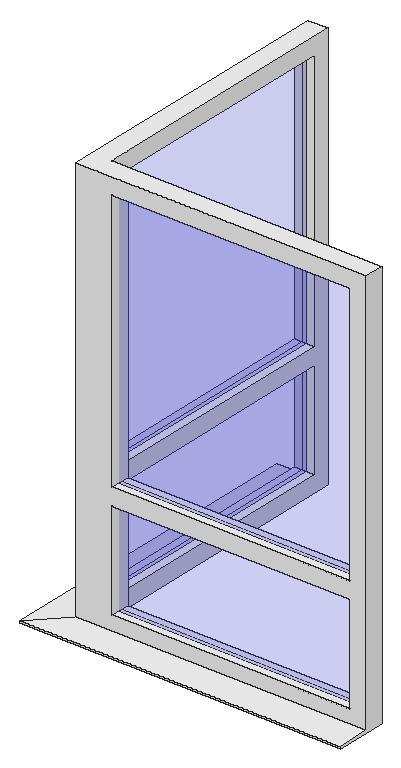
Revit family
Parameters (values of type "1.25m x 0.9m")
  Operation = "Défini par l'utilisateur"
  Largeur du cadre = 50 mm
  Height = 1250 mm
  Wall Closure = (empty or 0)
  Width = 900 mm
  Fenêtre = PVC - Blanc
  EpTrav = Elévation de la traverse + Largeur du cadre  # 400 mm
  Elévation de la traverse = 350 mm
  Décalage nu intérieur [instance] = 0 mm
  Angle des murs [instance] = 90.00°
Reference planes
  plane 1: y = 0
  plane 2 "Gauche": x = -500
  plane 3 "Droite": x = 400
  plane 4 "Appui": z = 800
  plane 5 "Tête": z = 2050
  plane 6 "Extérieur": y = 75
  plane 7 "Intérieur": y = -75
Forms (mm)
  Extrusion 1, void
    sketch origin (-500, 0, 800) x (-1, 0, 0) y (0, 1, 0)
      loop
        line (300, -300) -> (300, 900) -> (-300, 900) -> (-300, 300) -> (-900, 300) -> (-900, -300) -> (300, -300)
    from 0 to -1250
  Sweep 2, solid, material "PVC - Blanc" <- "Fenêtre"
    path origin (-500, 0, 800) x (0, 1, 0) y (-1, 0, 0)
      loop
        line (900, 0) -> (0, 0) -> (0, -900)
    profile origin (-50, 0, 800) x (0, 1, 0) y (0, 0, 1)
      loop
        line (-80, 0) -> (75, 0) -> (75, 50) -> (15, 50) -> (15, 8) -> (-80, 5) -> (-80, 0)
      loop
        line (15, 1250) -> (15, 1200) -> (75, 1200) -> (75, 1250) -> (15, 1250)
  Extrusion 3, solid, material "PVC - Blanc" <- "Fenêtre"
    sketch origin (-500, 0, 800) x (0, 1, 0) y (-1, 0, 0)
      loop
        line (75, -75) -> (125, -75) -> (125, -15) -> (15, -15) -> (15, -125) -> (75, -125) -> (75, -75)
      loop
        line (900, -15) -> (850, -15) -> (850, -75) -> (900, -75) -> (900, -15)
      loop
        line (75, -900) -> (75, -850) -> (15, -850) -> (15, -900) -> (75, -900)
    from 50 to 1200
  Extrusion 4, solid, material "Fenêtre - Vitrage"
    sketch origin (-485, 15, 800) x (1, 0, 0) y (0, 0, 1)
      loop
        line (110, 50) -> (835, 50) -> (835, 350) -> (110, 350) -> (110, 50)
      loop
        line (110, 1200) -> (110, 400) -> (835, 400) -> (835, 1200) -> (110, 1200)
    from -36 to -24
  Extrusion 5, solid, material "PVC - Blanc" <- "Fenêtre"
    sketch origin (-500, 0, 800) x (0, 1, 0) y (-1, 0, 0)
      loop
        line (850, -15) -> (125, -15) -> (125, -75) -> (850, -75) -> (850, -15)
    from 350 <- "Elévation de la traverse" to 400 <- "EpTrav"
  Extrusion 6, solid, material "Fenêtre - Vitrage"
    sketch origin (-425, 75, 800) x (0, 1, 0) y (0, 0, 1)
      loop
        line (50, 1200) -> (50, 400) -> (775, 400) -> (775, 1200) -> (50, 1200)
      loop
        line (775, 50) -> (775, 350) -> (50, 350) -> (50, 50) -> (775, 50)
    from -36 to -24
  Extrusion 7, solid, material "PVC - Blanc" <- "Fenêtre"
    sketch origin (0, 0, 800) x (0, -1, 0) y (1, 0, 0)
      loop
        line (-75, -375) -> (-15, -375) -> (-15, 350) -> (-75, 350) -> (-75, -375)
    from 350 <- "Elévation de la traverse" to 400 <- "EpTrav"
Cuts and joins
  joined: Sweep 2, Extrusion 3, Extrusion 5, Extrusion 7
Lines and regions (mm)
  reference lines
    curve 1: line (-500, 0, 800) -> (-500, 900, 800)
Text (mm)
  text "Extérieur" at (-1963.203, 1332.353, 0), in view "Niveau de réf."
  text "Intérieur" at (-1981.466, -818.386, 0), in view "Niveau de réf."
  text "Extérieur" at (0, 923.751, 2943.296), in view "Droite"
  text "Extérieur" at (0, 1040.484, 2685.409), in view "Gauche"
Dimensions and locks
  plane 2 "Gauche" to plane 3 "Droite" = 900 mm
  "Width": plane 2 "Gauche" to plane 3 "Droite"
  "Height": plane 4 "Appui" to plane 5 "Tête"
  locked: plane 4 "Appui" to level at 800
  locked: plane 6 "Extérieur" to host wall at 0
  locked: plane 7 "Intérieur" to host wall
  Extrusion 1 sketch curve to curve 1 to Extrusion 1 sketch curve = 300 mm locked, 300 mm locked
  Extrusion 1 sketch curve to host wall to Extrusion 1 sketch curve = 300 mm locked, 300 mm locked
  "Width": curve 1 to curve 1
  "Largeur du cadre": Sweep 2 sketch curve to Sweep 2 sketch curve  (x2)
  locked: Sweep 2 sketch curve to Sweep 2 sketch curve at 60
  "Décalage nu intérieur": Sweep 2 sketch curve to plane 6 "Extérieur"
  "Largeur du cadre": Extrusion 3 sketch curve to Extrusion 3 sketch curve  (x4)
  locked: Sweep 2 sketch curve to plane 7 "Intérieur" at 5
  locked: Sweep 2 sketch curve to Sweep 2 sketch curve at 5
  locked: Sweep 2 sketch curve to Sweep 2 sketch curve at 8
  "Angle des murs": angle host wall to curve 1
  aligned and locked: plane 3 "Droite" to Extrusion 1 sketch curve
  aligned and locked: Extrusion 1 to plane 5 "Tête"
  aligned and locked: host wall to Sweep 2 sketch curve
  aligned and locked: curve 1 to Sweep 2 sketch curve
  aligned and locked: plane 3 "Droite" to Sweep 2 sketch curve
  aligned and locked: Extrusion 1 sketch curve to curve 1
  aligned and locked: plane 4 "Appui" to Sweep 2 sketch curve
  aligned and locked: plane 5 "Tête" to Sweep 2 sketch curve
  aligned and locked: Sweep 2 sketch curve to Sweep 2 sketch curve  (x2)
  aligned and locked: Sweep 2 to Extrusion 3 sketch curve  (x7)
  aligned and locked: Extrusion 3 sketch curve to Sweep 2  (x2)
  aligned and locked: Extrusion 3 to Sweep 2
  aligned and locked: Extrusion 3 sketch curve to Extrusion 3 sketch curve
  aligned and locked: Extrusion 4 sketch curve to cut or joined group of Sweep 2, Extrusion 3, Extrusion 5, Extrusion 7  (x5)
  aligned and locked: cut or joined group of Sweep 2, Extrusion 3, Extrusion 5, Extrusion 7 to Extrusion 4 sketch curve
  aligned and locked: Extrusion 5 sketch curve to cut or joined group of Sweep 2, Extrusion 3, Extrusion 5, Extrusion 7  (x4)
  aligned and locked: cut or joined group of Sweep 2, Extrusion 3, Extrusion 5, Extrusion 7 to Extrusion 6 sketch curve
  aligned and locked: Extrusion 6 sketch curve to cut or joined group of Sweep 2, Extrusion 3, Extrusion 5, Extrusion 7  (x3)
  aligned and locked: Extrusion 6 sketch curve to Extrusion 5
  aligned and locked: Extrusion 5 to Extrusion 6 sketch curve
  aligned and locked: Extrusion 7 sketch curve to cut or joined group of Sweep 2, Extrusion 3, Extrusion 5, Extrusion 7  (x4)
Automatic sketch dimensions
  curve 1 to host wall = 0 mm
  curve 1 to plane 2 "Gauche" = 0 mm
  Sweep 2 sketch curve to curve 1 = 0 mm
  Extrusion 6 sketch curve to Extrusion 3 = 0 mm
  Extrusion 6 sketch curve to Extrusion 6 sketch curve = 0 mm
  Extrusion 4 sketch curve to Extrusion 4 sketch curve = 0 mm
  Extrusion 4 sketch curve to Extrusion 3 = 0 mm
